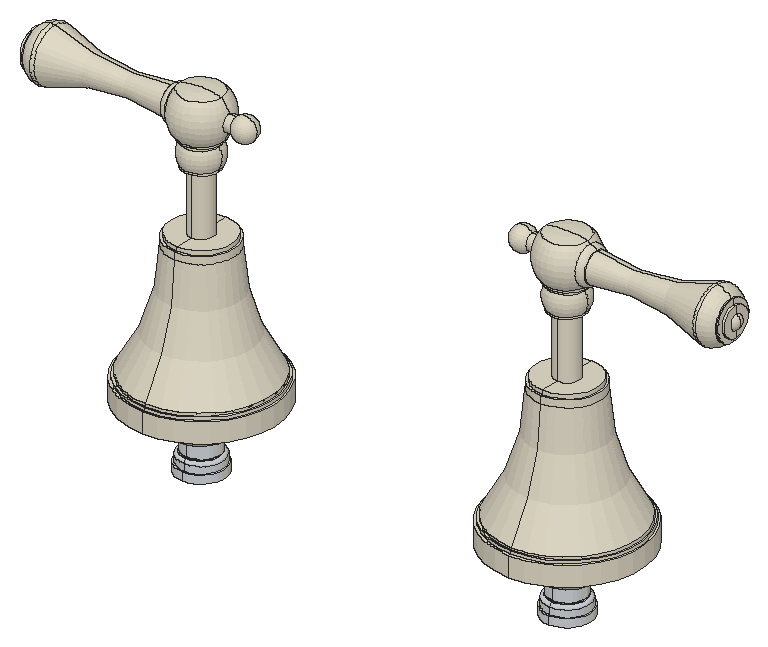
Revit family "Reece_Tap_Kado_Era_Wall Top Assembly", category Plumbing Fixtures, host Face, Revit 2018
Family settings
  Host = Face
  Round Connector Dimension = Use Diameter
  Part Type = Normal
  Cut with Voids When Loaded = No
  Shared = Yes
  Room Calculation Point = Yes
Parameters (values of type "Lever Handle_Brass Gold")
  WFU = 0  # constant formula
  URL = "https://www.reece.com.au/product/-9507572"
  Type Comments = "Tap"
  Reece_Tap_Inlet = 12 mm  # constant formula
  Reece_Tap_Axis Distance [instance] = 150 mm
  Reece_Product_Web Page = "https://www.reece.com.au/product/-9507572"
  Reece_Product_Type = "Tap"  # constant formula
  Reece_Product_Sub Brand = "Era"  # constant formula
  Reece_Product_Number = "9507572"
  Reece_Product_Mount = "Wall Mounted"
  Reece_Product_Description = "Kado Era Wall Top Assemblies Lever Handle Brass Gold"
  Reece_Product_Brand = "Kado"  # constant formula
  Reece_Material_Secondary = Reece_Brass_Gold
  Reece_Material_Colour = Reece_Brass_Gold
  Reece_Material-Main = Reece_Brass_Gold
  Reece_Handle_Type = Reece_Tap_Kado_Era_Wall Top Assembly_Lever_Handle_116 mm_Nested : Reece_Tap_Kado_Era_Wall Top Assembly_Lever_Handle_116 mm_Nested
  Reece_Detail_Shape = "Lever Handle"
  Reece_Detail_Installation = ""
  Reece_Detail_Disclaimer = "THIS FILE IS THE PROPERTY OF THE REECE GROUP. IT MAY NOT BE REPRODUCED, REVERSE-ENGINEERED OR MODIFIED. ANY REPUBLICATION, TRANSMISSION OR DISTRIBUTION FOR THE PURPOSE OF COMMERCIALLY EXPLOITING THE FILES IS PROHIBITED."  # constant formula
  Reece_Detail_Connector = ""
  Reece_Detail_Additional = "Wall Top Assembly"  # constant formula
  Reece_Backplate_Diameter = 60 mm  # constant formula
  Model = "Era"
  Manufacturer = "Kado"
  Keynote = "Product #9507572, Reece_Tap_Kado_Era_Wall Top Assembly - Lever Handle_Brass Gold"
  HWFU = 0  # constant formula
  Disclaimer = "THIS FILE IS THE PROPERTY OF THE REECE GROUP. IT MAY NOT BE REPRODUCED, REVERSE-ENGINEERED OR MODIFIED. ANY REPUBLICATION, TRANSMISSION OR DISTRIBUTION FOR THE PURPOSE OF COMMERCIALLY EXPLOITING THE FILES IS PROHIBITED."  # constant formula
  Description = "Kado Era Wall Top Assemblies Lever Handle Brass Gold"
  Default Elevation = 1000 mm
  CWFU = 0  # constant formula
Types (11, lengths in mm): name | URL | Reece_Product_Web Page | Reece_Product_Number | Reece_Product_Description | Reece_Material_Secondary | Reece_Material_Colour | Reece_Material-Main | Reece_Handle_Type | Reece_Detail_Shape | Keynote | Description
  (no name) | "https://www.reece.com.au/product/-9512056" | "https://www.reece.com.au/product/-9512056" | "9512056" | "Kado Era Wall Top Assemblies Cross Handles Brushed Nickel" | Reece_Brass_Brushed Nickel | Reece_Plastic_White | Reece_Brass_Brushed Nickel | Reece_Tap_Kado_Era_Wall Top Assembly_Cross Handle_116 mm_Nested : Reece_Tap_Kado_Era_Wall Top Assembly_Cross Handle_116 mm_Nested | "Cross Handle" | "Product #9512056, Reece_Tap_Kado_Era_Wall Top Assembly -  " | "Kado Era Wall Top Assemblies Cross Handles Brushed Nickel"
  Cross Handle_Brass Gold | "https://www.reece.com.au/product/-9507569" | "https://www.reece.com.au/product/-9507569" | "9507569" | "Kado Era Wall Top Assemblies Cross Handles Brass Gold" | Reece_Brass_Gold | Reece_Plastic_White | Reece_Brass_Gold | Reece_Tap_Kado_Era_Wall Top Assembly_Cross Handle_116 mm_Nested : Reece_Tap_Kado_Era_Wall Top Assembly_Cross Handle_116 mm_Nested | "Cross Handle" | "Product #9507569, Reece_Tap_Kado_Era_Wall Top Assembly - Cross Handle_Brass Gold" | "Kado Era Wall Top Assemblies Cross Handles Brass Gold"
  Cross Handle_Chrome | "https://www.reece.com.au/product/-9507570" | "https://www.reece.com.au/product/-9507570" | "9507570" | "Kado Era Wall Top Assemblies Cross Handles Chrome" | Reece_Brass_Chrome | Reece_Plastic_White | Reece_Brass_Chrome | Reece_Tap_Kado_Era_Wall Top Assembly_Cross Handle_116 mm_Nested : Reece_Tap_Kado_Era_Wall Top Assembly_Cross Handle_116 mm_Nested | "Cross Handle" | "Product #9507570, Reece_Tap_Kado_Era_Wall Top Assembly - Cross Handle_Chrome" | "Kado Era Wall Top Assemblies Cross Handles Chrome"
  Lever Handle_Brass Gold | "https://www.reece.com.au/product/-9507572" | "https://www.reece.com.au/product/-9507572" | "9507572" | "Kado Era Wall Top Assemblies Lever Handle Brass Gold" | Reece_Brass_Gold | Reece_Brass_Gold | Reece_Brass_Gold | Reece_Tap_Kado_Era_Wall Top Assembly_Lever_Handle_116 mm_Nested : Reece_Tap_Kado_Era_Wall Top Assembly_Lever_Handle_116 mm_Nested | "Lever Handle" | "Product #9507572, Reece_Tap_Kado_Era_Wall Top Assembly - Lever Handle_Brass Gold" | "Kado Era Wall Top Assemblies Lever Handle Brass Gold"
  Lever Handle_Chrome | "https://www.reece.com.au/product/-9507573" | "https://www.reece.com.au/product/-9507573" | "9507573" | "Kado Era Wall Top Assemblies Lever Handle Chrome" | Reece_Brass_Chrome | Reece_Brass_Chrome | Reece_Brass_Chrome | Reece_Tap_Kado_Era_Wall Top Assembly_Lever_Handle_116 mm_Nested : Reece_Tap_Kado_Era_Wall Top Assembly_Lever_Handle_116 mm_Nested | "Lever Handle" | "Product #9507573, Reece_Tap_Kado_Era_Wall Top Assembly - Lever Handle_Chrome" | "Kado Era Wall Top Assemblies Lever Handle Chrome"
  Lever Handle_Matte Black | "https://www.reece.com.au/product/-2263700" | "https://www.reece.com.au/product/-2263700" | "2263700" | "Kado Era Wall Top Assemblies Lever Handle Matte Black" | Reece_Brass_Matte Black | Reece_Brass_Matte Black | Reece_Brass_Matte Black | Reece_Tap_Kado_Era_Wall Top Assembly_Lever_Handle_116 mm_Nested : Reece_Tap_Kado_Era_Wall Top Assembly_Lever_Handle_116 mm_Nested | "Lever Handle" | "Product #2263700, Reece_Tap_Kado_Era_Wall Top Assembly - Lever Handle_Matte Black" | "Kado Era Wall Top Assemblies Lever Handle Matte Black"
  Lever Handle_Brass Gold_Porcelain | "https://www.reece.com.au/product/-9507631" | "https://www.reece.com.au/product/-9507631" | "9507631" | "Kado Era Wall Top Assemblies Lever Porcelain Handle Brass Gold" | Reece_Porcelain_White | Reece_Brass_Gold | Reece_Brass_Gold | Reece_Tap_Kado_Era_Wall Top Assembly_Porcelain_Lever_Handle_116 mm_Nested : Reece_Tap_Kado_Era_Wall Top Assembly_Porcelain_Lever_Handle_116 mm_Nested | "Lever Handle" | "Product #9507631, Reece_Tap_Kado_Era_Wall Top Assembly - Lever Handle_Brass Gold_Porcelain" | "Kado Era Wall Top Assemblies Lever Porcelain Handle Brass Gold"
  Lever Handle_Chrome_Porcelain | "https://www.reece.com.au/product/-9507632" | "https://www.reece.com.au/product/-9507632" | "9507632" | "Kado Era Wall Top Assemblies Lever Porcelain Handle Chrome" | Reece_Porcelain_White | Reece_Brass_Chrome | Reece_Brass_Chrome | Reece_Tap_Kado_Era_Wall Top Assembly_Porcelain_Lever_Handle_116 mm_Nested : Reece_Tap_Kado_Era_Wall Top Assembly_Porcelain_Lever_Handle_116 mm_Nested | "Lever Handle" | "Product #9507632, Reece_Tap_Kado_Era_Wall Top Assembly - Lever Handle_Chrome_Porcelain" | "Kado Era Wall Top Assemblies Lever Porcelain Handle Chrome"
  Cross Handle_Brushed Nickel | "https://www.reece.com.au/product/-9512056" | "https://www.reece.com.au/product/-9512056" | "9512056" | "Kado Era Wall Top Assemblies Cross Handles Brushed Nickel" | Reece_Brass_Brushed Nickel | Reece_Plastic_White | Reece_Brass_Brushed Nickel | Reece_Tap_Kado_Era_Wall Top Assembly_Cross Handle_116 mm_Nested : Reece_Tap_Kado_Era_Wall Top Assembly_Cross Handle_116 mm_Nested | "Cross Handle" | "Product #9512056, Reece_Tap_Kado_Era_Wall Top Assembly - Cross Handle_Brushed Nickel" | "Kado Era Wall Top Assemblies Cross Handles Brushed Nickel"
  Lever Handle_Brushed Nickel | "https://www.reece.com.au/product/-9512057" | "https://www.reece.com.au/product/-9512057" | "9512057" | "Kado Era Wall Top Assemblies Lever Handle Brushed Nickel" | Reece_Brass_Brushed Nickel | Reece_Brass_Brushed Nickel | Reece_Brass_Brushed Nickel | Reece_Tap_Kado_Era_Wall Top Assembly_Lever_Handle_116 mm_Nested : Reece_Tap_Kado_Era_Wall Top Assembly_Lever_Handle_116 mm_Nested | "Cross Handle" | "Product #9512057, Reece_Tap_Kado_Era_Wall Top Assembly - Lever Handle_Brushed Nickel" | "Kado Era Wall Top Assemblies Lever Handle Brushed Nickel"
  Lever Handle_Brushed Nickel_Porcelain | "https://www.reece.com.au/product/-9512058" | "https://www.reece.com.au/product/-9512058" | "9512058" | "Kado Era Wall Top Assemblies Lever Porcelain Handle Brushed Nickel" | Reece_Porcelain_White | Reece_Brass_Brushed Nickel | Reece_Brass_Brushed Nickel | Reece_Tap_Kado_Era_Wall Top Assembly_Porcelain_Lever_Handle_116 mm_Nested : Reece_Tap_Kado_Era_Wall Top Assembly_Porcelain_Lever_Handle_116 mm_Nested | "Cross Handle" | "Product #9512058, Reece_Tap_Kado_Era_Wall Top Assembly - Lever Handle_Brushed Nickel_Porcelain" | "Kado Era Wall Top Assemblies Lever Porcelain Handle Brushed Nickel"
Reference planes
  plane 1 "Center (Front/Back)": y = 0
  plane 2 "Bottom": z = 0
  plane 3 "Center (Left/Right)": x = 0
  plane 4 "left": x = -75
  plane 5 "right": x = 75
  plane 6: y = -30
  plane 7: y = 30
Forms (mm)
  Revolve 1, solid
    sketch origin (-75, -128.901, 1219.2) x (0, -1, 0) y (0, 0, 1)
      loop
        line (-130.291, -1249.229) -> (-128.901, -1249.229) -> (-128.901, -1219.2) -> (-140.374, -1219.2) -> (-140.374, -1222.813) -> (-139.398, -1223.187) -> (-139.398, -1223.987) -> (-140.37, -1224.549) -> (-139.398, -1225.023) -> (-139.398, -1225.823) -> (-140.359, -1226.378) -> (-139.398, -1226.846) -> (-139.398, -1227.646) -> (-140.366, -1228.205) -> (-139.398, -1228.616) -> (-139.398, -1229.416) -> (-140.275, -1229.923) -> (-139.166, -1231.032) -> (-136.181, -1231.032) -> (-136.181, -1237.729) -> (-135.615, -1238.294) -> (-136.415, -1238.294)
        arc (-136.415, -1238.294) -> (-137.255, -1238.642) -> (-137.603, -1239.482) r 1.188
        line (-137.603, -1239.482) -> (-137.603, -1242.245) -> (-138.403, -1242.245) -> (-138.403, -1245.49) -> (-132.464, -1245.49) -> (-130.291, -1249.229)
      axis (-128.901, -1219.2) -> (-128.901, -1249.229)
    angle from 0 to 360
  Revolve 2, void
    sketch origin (0, 0, 0) x (1, 0, 0) y (0, 0, 1)
      loop
        line (-75, -37.024) -> (-75, 0) -> (-90.541, 0) -> (-90.541, -37.024) -> (-75, -37.024)
      axis (-75, 0) -> (-75, -37.024)
    angle from 0 to 360
  Revolve 3, void
    sketch origin (0, 0, 0) x (-1, 0, 0) y (0, 0, 1)
      loop
        line (-75, -37.024) -> (-75, 0) -> (-90.541, 0) -> (-90.541, -37.024) -> (-75, -37.024)
      axis (-75, 0) -> (-75, -37.024)
    angle from 0 to 360
  Revolve 4, solid
    sketch origin (75, -134.759, 1219.2) x (0, -1, 0) y (0, 0, 1)
      loop
        line (-136.149, -1249.229) -> (-134.759, -1249.229) -> (-134.759, -1219.2) -> (-146.232, -1219.2) -> (-146.232, -1222.813) -> (-145.256, -1223.187) -> (-145.256, -1223.987) -> (-146.228, -1224.549) -> (-145.256, -1225.023) -> (-145.256, -1225.823) -> (-146.216, -1226.378) -> (-145.256, -1226.846) -> (-145.256, -1227.646) -> (-146.223, -1228.205) -> (-145.256, -1228.616) -> (-145.256, -1229.416) -> (-146.133, -1229.923) -> (-145.024, -1231.032) -> (-142.038, -1231.032) -> (-142.038, -1237.729) -> (-141.473, -1238.294) -> (-142.273, -1238.294)
        arc (-142.273, -1238.294) -> (-143.113, -1238.642) -> (-143.461, -1239.482) r 1.188
        line (-143.461, -1239.482) -> (-143.461, -1242.245) -> (-144.261, -1242.245) -> (-144.261, -1245.49) -> (-138.322, -1245.49) -> (-136.149, -1249.229)
      axis (-134.759, -1219.2) -> (-134.759, -1249.229)
    angle from 0 to 360
Text (mm)
  text "Reece Copyright © 2018, Reece Ltd." at (18.968, -193.79, 0), in view "Ref. Level"
  text "Reece ©" at (44.384, 258.95, 192.345), in view "Reece Preview"
Dimensions and locks
  equal spacing: plane 4 "left", plane 3 "Center (Left/Right)", plane 5 "right"  (x2)
  plane 6 to plane 7 = 60 mm
  plane 7 to plane 6 = 60 mm
  plane 4 "left" to plane 5 "right" = 150 mm
  plane 5 "right" to plane 4 "left" = 150 mm
  equal spacing: plane 5 "right", plane 3 "Center (Left/Right)", plane 4 "left"
  "Reece_Backplate_Diameter": plane 6 to plane 7
  equal spacing: plane 6, plane 1 "Center (Front/Back)", plane 7
  "Reece_Tap_Axis Distance": plane 4 "left" to plane 5 "right"
  aligned and locked: plane 2 "Bottom" to host face
  aligned and locked: level to host face
  aligned and locked: Revolve 1 sketch curve to plane 1 "Center (Front/Back)"
Automatic sketch dimensions
  host sketch curve to host sketch curve = 380.785 mm
  host sketch curve to host sketch curve = 317.421 mm
  Revolve 1 sketch curve to level = 0 mm
  Revolve 1 sketch curve to plane 1 "Center (Front/Back)" = 0 mm
  Revolve 1 sketch curve to Revolve 1 sketch curve = 1.39 mm
  Revolve 1 sketch curve to plane 1 "Center (Front/Back)" = 3.563 mm
  Revolve 1 sketch curve to plane 1 "Center (Front/Back)" = 6.714 mm
  Revolve 1 sketch curve to plane 1 "Center (Front/Back)" = 7.28 mm
  Revolve 1 sketch curve to Revolve 1 sketch curve = 0.8 mm  (x6)
  Revolve 1 sketch curve to Revolve 1 sketch curve = 1.188 mm
  Revolve 1 sketch curve to Revolve 1 sketch curve = 2.986 mm
  Revolve 1 sketch curve to Revolve 1 sketch curve = 0.231 mm  (x2)
  Revolve 1 sketch curve to Revolve 1 sketch curve = 0 mm  (x2)
  Revolve 1 sketch curve to level = 3.987 mm
  Revolve 1 sketch curve to Revolve 1 sketch curve = 0.878 mm
  Revolve 1 sketch curve to Revolve 1 sketch curve = 0.961 mm
  Revolve 1 sketch curve to Revolve 1 sketch curve = 0.968 mm
  Revolve 1 sketch curve to level = 5.349 mm
  Revolve 1 sketch curve to Revolve 1 sketch curve = 0.972 mm
  Revolve 1 sketch curve to level = 3.612 mm
  Revolve 1 sketch curve to Revolve 1 sketch curve = 0.977 mm
  Revolve 1 sketch curve to Revolve 1 sketch curve = 0.474 mm
  Revolve 1 sketch curve to Revolve 1 sketch curve = 0.555 mm
  Revolve 1 sketch curve to Revolve 1 sketch curve = 1.023 mm
  Revolve 1 sketch curve to Revolve 1 sketch curve = 0.559 mm
  Revolve 1 sketch curve to Revolve 1 sketch curve = 0.97 mm
  Revolve 1 sketch curve to Revolve 1 sketch curve = 0.507 mm
  Revolve 1 sketch curve to Revolve 1 sketch curve = 1.615 mm
  Revolve 1 sketch curve to Revolve 1 sketch curve = 6.697 mm
  Revolve 1 sketch curve to Revolve 1 sketch curve = 0.566 mm
  Revolve 1 sketch curve to Revolve 1 sketch curve = 2.762 mm
  Revolve 1 sketch curve to Revolve 1 sketch curve = 3.246 mm
  Revolve 1 sketch curve to Revolve 1 sketch curve = 3.739 mm
  Revolve 1 sketch curve to Revolve 1 sketch curve = 7.488 mm
  Revolve 1 sketch curve to Revolve 1 sketch curve = 8.93 mm
  Revolve 2 sketch curve to level = 0 mm
  plane 4 "left" to Revolve 2 sketch curve = 0 mm  (x2)
  Revolve 2 sketch curve to Revolve 2 sketch curve = 15.541 mm
  Revolve 2 sketch curve to level = 37.024 mm
  Revolve 2 sketch curve to Revolve 2 sketch curve = 29.166 mm
  Revolve 2 sketch curve to Revolve 2 sketch curve = 18.517 mm
  Revolve 3 sketch curve to level = 0 mm
  Revolve 3 sketch curve to plane 5 "right" = 0 mm  (x2)
  Revolve 3 sketch curve to Revolve 3 sketch curve = 15.541 mm
  level to Revolve 3 sketch curve = 37.024 mm
  Revolve 3 sketch curve to Revolve 3 sketch curve = 29.166 mm
  Revolve 3 sketch curve to Revolve 3 sketch curve = 18.517 mm
  level to Revolve 4 sketch curve = 0 mm
  Revolve 4 sketch curve to plane 1 "Center (Front/Back)" = 0 mm  (x2)
  Revolve 4 sketch curve to Revolve 4 sketch curve = 1.39 mm
  plane 1 "Center (Front/Back)" to Revolve 4 sketch curve = 3.563 mm
  plane 1 "Center (Front/Back)" to Revolve 4 sketch curve = 6.714 mm
  plane 1 "Center (Front/Back)" to Revolve 4 sketch curve = 7.28 mm
  Revolve 4 sketch curve to Revolve 4 sketch curve = 0.8 mm  (x6)
  Revolve 4 sketch curve to Revolve 4 sketch curve = 1.188 mm
  Revolve 4 sketch curve to Revolve 4 sketch curve = 2.986 mm
  Revolve 4 sketch curve to Revolve 4 sketch curve = 0.231 mm  (x2)
  Revolve 4 sketch curve to Revolve 4 sketch curve = 0 mm  (x2)
  level to Revolve 4 sketch curve = 3.987 mm
  Revolve 4 sketch curve to Revolve 4 sketch curve = 0.878 mm
  Revolve 4 sketch curve to Revolve 4 sketch curve = 0.961 mm
  Revolve 4 sketch curve to Revolve 4 sketch curve = 0.968 mm
  level to Revolve 4 sketch curve = 5.349 mm
  Revolve 4 sketch curve to Revolve 4 sketch curve = 0.972 mm
  level to Revolve 4 sketch curve = 3.612 mm
  Revolve 4 sketch curve to Revolve 4 sketch curve = 0.977 mm
  Revolve 4 sketch curve to Revolve 4 sketch curve = 0.474 mm
  Revolve 4 sketch curve to Revolve 4 sketch curve = 0.555 mm
  Revolve 4 sketch curve to Revolve 4 sketch curve = 1.023 mm
  Revolve 4 sketch curve to Revolve 4 sketch curve = 0.559 mm
  Revolve 4 sketch curve to Revolve 4 sketch curve = 0.97 mm
  Revolve 4 sketch curve to Revolve 4 sketch curve = 0.507 mm
  Revolve 4 sketch curve to Revolve 4 sketch curve = 1.615 mm
  Revolve 4 sketch curve to Revolve 4 sketch curve = 6.697 mm
  Revolve 4 sketch curve to Revolve 4 sketch curve = 0.566 mm
  Revolve 4 sketch curve to Revolve 4 sketch curve = 2.762 mm
  Revolve 4 sketch curve to Revolve 4 sketch curve = 3.246 mm
  Revolve 4 sketch curve to Revolve 4 sketch curve = 3.739 mm
  Revolve 4 sketch curve to Revolve 4 sketch curve = 7.488 mm
  Revolve 4 sketch curve to Revolve 4 sketch curve = 8.93 mm
Nested families
  nested 1: "Reece_Tap_Kado_Era_Wall Top Assembly_Lever_Handle_116 mm_Nested" at (-75, 0, 0), Reece_Material-Main <- "Reece_Material-Main", Reece_Material_Secondary <- "Reece_Material_Secondary", type <- "Reece_Handle_Type", Reece_Material_Colour <- "Reece_Material_Colour", type "Reece_Tap_Kado_Era_Wall Top Assembly_Lever_Handle_116 mm_Nested"
    with Reece_Material_Secondary Reece_Brass_Gold, Reece_Material_Colour Reece_Brass_Gold, Reece_Material-Main Reece_Brass_Gold
  nested 2: "Reece_Tap_Kado_Era_Wall Top Assembly_Lever_Handle_116 mm_Nested" at (75, 0, 0) x (-1, 0, 0) z (0, 0, 1), Reece_Material-Main <- "Reece_Material-Main", Reece_Material_Secondary <- "Reece_Material_Secondary", type <- "Reece_Handle_Type", Reece_Material_Colour <- "Reece_Material_Colour", type "Reece_Tap_Kado_Era_Wall Top Assembly_Lever_Handle_116 mm_Nested"
    with Reece_Material_Secondary Reece_Brass_Gold, Reece_Material_Colour Reece_Brass_Gold, Reece_Material-Main Reece_Brass_Gold
Connectors
  piping at (-75, 0, -11.832), diameter 12, driven by "Reece_Tap_Inlet"
    settings: on Revolve 1, index 3, connector inside diameter 609.6 mm, connector length 0 mm, flow factor 0, pipe flow 0.0 L/s, pressure drop 0.0 Pa, fitting loss kfactor 0, connector angle 0.00°, fixture units 0, engagement length 0 mm, angle of deflection 0.00°, flow configuration 0, flow direction 1, fitting loss method 0, system type 29, joint type 0, gender type 0, connector reference index -1, connector utility 0, adjustable connector no, is connector primary yes, connector description ""
  piping at (75, 0, -11.832), diameter 12, driven by "Reece_Tap_Inlet"
    settings: on Revolve 4, index 4, connector inside diameter 609.6 mm, connector length 0 mm, flow factor 0, pipe flow 0.0 L/s, pressure drop 0.0 Pa, fitting loss kfactor 0, connector angle 0.00°, fixture units 0, engagement length 0 mm, angle of deflection 0.00°, flow configuration 0, flow direction 1, fitting loss method 0, system type 29, joint type 0, gender type 0, connector reference index -1, connector utility 0, adjustable connector no, is connector primary no, connector description ""
Definition of nested family "Reece_Tap_Kado_Era_Wall Top Assembly_Lever_Handle_116 mm_Nested"
  Parameters (values of type "Reece_Tap_Kado_Era_Wall Top Assembly_Lever_Handle_116 mm_Nested")
    Waste Connection = no
    WFU = 0
    Vent Connection = no
    URL = ""
    Type Comments = ""
    Reece_Material_Secondary [instance] = none
    Reece_Material_Colour [instance] = none
    Reece_Material-Main [instance] = none
    Model = ""
    Manufacturer = ""
    Keynote = ""
    HWFU = 0
    HW Connection = no
    Description = ""
    Default Elevation = 0 mm
    Cost = 0
    CWFU = 0
    CW Connection = no
    Assembly Code = ""
  Reference planes
    plane 1 "Center (Front/Back)": y = 0
    plane 2 "Bottom": z = 0
    plane 3 "Center (Left/Right)": x = 0
    plane 4: z = 10
    plane 5: z = 116
  Forms (mm)
    Extrusion 1, solid
      sketch origin (619.2, -619.2, 0) x (1, 0, 0) y (0, 1, 0)
        loop
          line (-809.2, 779.2) -> (-809.2, 461.779) -> (-428.415, 461.779) -> (-428.415, 779.2) -> (-809.2, 779.2)
      from 0 to -9.564
    Revolve 2, solid, material <- "Reece_Material-Main"
      sketch origin (0, 0, 0) x (0, -1, 0) y (0, 0, 1)
        loop
          line (0, 61) -> (4.8, 61) -> (4.8, 85.701) -> (0, 85.701) -> (0, 61)
        axis (0, 61) -> (0, 85.701)
      angle from 0 to 360
    Revolve 3, solid, material <- "Reece_Material-Main"
      sketch origin (100, 0, 12.734) x (-1, 0, 0) y (0, 0, 1)
        loop
          line (100, 72.967) -> (100, 83.467) -> (92.7, 83.467) -> (92.7, 81.967)
          arc (92.7, 81.967) -> (91.646, 77.867) -> (92.7, 73.767) r 8.5
          line (92.7, 73.767) -> (92.7, 72.967) -> (100, 72.967)
        axis (100, 72.967) -> (100, 83.467)
      angle from 0 to 360
    Revolve 4, solid, material <- "Reece_Material-Main"
      sketch origin (100, 0, 12.734) x (-1, 0, 0) y (0, 0, 1)
        loop
          line (100, 83.467) -> (100, 100.567) -> (100, 101.517)
          arc (100, 101.517) -> (95.773, 101.284) -> (91.6, 100.567) r 36.8
          arc (91.6, 100.567) -> (88.257, 92.476) -> (91.3, 84.267) r 12
          arc (91.3, 84.267) -> (91.461, 83.882) -> (91.5, 83.467) r 1.383
          line (91.5, 83.467) -> (100, 83.467)
        axis (100, 83.467) -> (100, 101.517)
      angle from 0 to 360
    Revolve 5, solid, material <- "Reece_Material-Main"
      sketch origin (100, 0, 12.734) x (-1, 0, 0) y (0, 0, 1)
        loop
          line (88.762, 92.406) -> (88.762, 95.656) -> (85.512, 95.656)
          arc (85.512, 95.656) -> (80.235, 96.878) -> (77.179, 92.406) r 4.8
          line (77.179, 92.406) -> (88.762, 92.406)
        axis (88.762, 92.406) -> (77.179, 92.406)
      angle from 0 to 360
    Revolve 6, solid, material <- "Reece_Material-Main"
      sketch origin (102.109, 0, 12.578) x (-1, 0, 0) y (0, 0, 1)
        loop
          line (111.203, 92.406) -> (114.053, 92.406) -> (114.053, 98.406)
          arc (114.053, 98.406) -> (112.824, 99.528) -> (111.203, 99.906) r 3.3
          line (111.203, 99.906) -> (111.203, 92.406)
        loop
          line (169.253, 100.256) -> (169.253, 92.406) -> (171.303, 92.406) -> (173.053, 92.406)
          arc (173.053, 92.406) -> (172.592, 94.127) -> (171.303, 95.356) r 3.3
          line (171.303, 95.356) -> (171.303, 98.306) -> (170.053, 98.306) -> (170.053, 100.256) -> (169.253, 100.256)
        axis (111.203, 92.406) -> (173.053, 92.406)
      angle from 0 to 360
    Revolve 7, solid, material <- "Reece_Material_Secondary"
      sketch origin (0.234, 0, 12.578) x (1, 0, 0) y (0, 0, 1)
        loop
          arc (-12.178, 98.406) -> (-36.654, 97.284) -> (-60.428, 103.206) r 84.8
          arc (-60.428, 103.206) -> (-61.141, 103.398) -> (-61.878, 103.406) r 2.935
          arc (-61.878, 103.406) -> (-64.952, 102.396) -> (-67.378, 100.256) r 8.04
          line (-67.378, 100.256) -> (-67.378, 92.406) -> (-12.178, 92.406) -> (-12.178, 98.406)
        axis (-12.178, 92.406) -> (-67.378, 92.406)
      angle from 0 to 360
    Revolve 8, solid, material <- "Reece_Material-Main"
      sketch origin (0, 0.09, 0) x (0, 1, 0) y (0, 0, 1)
        loop
          line (-0.09, 0) -> (29.9, 0) -> (29.9, 8.1) -> (28.9, 8.1) -> (28.9, 9.2) -> (28.1, 9.2) -> (28.1, 10.2)
          arc (28.1, 10.2) -> (17.132, 32.269) -> (13.358, 56.622) r 80.463
          line (13.358, 56.622) -> (13.358, 59.45) -> (12.358, 59.45) -> (12.358, 61) -> (-0.09, 61) -> (-0.09, 23.593) -> (-0.09, 0)
        axis (-0.09, 0) -> (-0.09, 61)
      angle from 0 to 360
  Text (mm)
    text "Reece Copyright © 2018, Reece Ltd." at (-182.519, -196.974, 0), in view "Ref. Level"
    text "Reece ©" at (44.384, 258.95, 192.345), in view "Reece Preview"
  Dimensions and locks
    plane 2 "Bottom" to plane 4 = 10 mm
    aligned and locked: plane 2 "Bottom" to Extrusion 1
    aligned and locked: level to Extrusion 1
